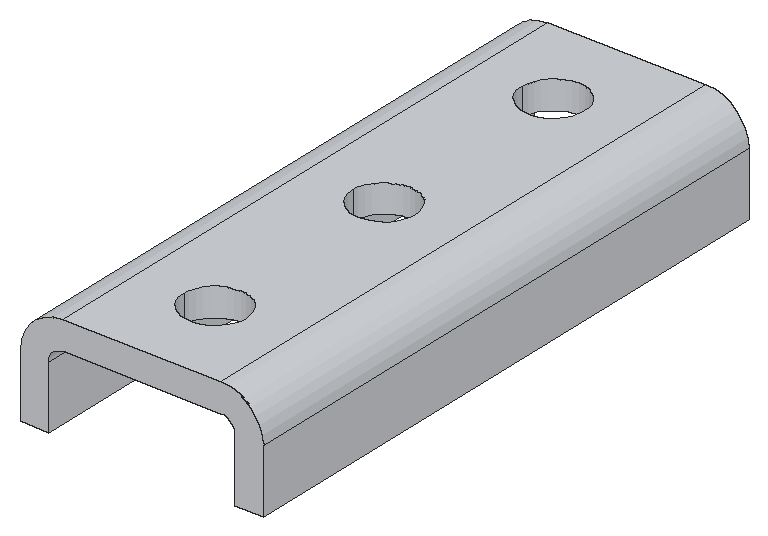
Revit family "Fitting-U_Shape-Unistrut-P4376A", category Specialty Equipment, Revit 2012
Parameters (values of type "P4376A")
  ecoScorecard_data = "http://products.ecoscorecard.com/atkore/P4376A"
  ecoScorecard Product Page = "http://products.ecoscorecard.com/atkore/P4376A?action=html"
  Weight Per Piece = 1.30 lbf
  Unit = none
  Unistrut Part Number = "P4376A"  # constant formula
  URL = "http://unistrut.us/index.php"
  Thickness = 1/4"
  Subcategory = "U Shape Fittings"
  Product Page URL = "http://unistrut.us/index.php?WP=cat_detail&S=S05&P=P4376A"
  Power Strut Part Number = "PS 645"  # constant formula
  Part Type = "Fitting"  # constant formula
  Overall Width = 2 5/32"
  Overall Length = 15/16"
  Overall Height = 5 3/8"
  Model = "P4376A"
  Material = ""
  Manufacturer Phone - Toll Free = "800-882-5543"  # constant formula
  Manufacturer Phone = "708-339-1610"  # constant formula
  Manufacturer Fax = "708-339-7814"  # constant formula
  Manufacturer Email = "mailto:jshaw@atkore.com"
  Manufacturer Address = "16100 South Lathrop Avenue, Harvey, IL 60426"  # constant formula
  Manufacturer = "Unistrut by Atkore International"  # constant formula
  Load Capacity Note = "Visit the product page for load application and capacity."  # constant formula
  Literature URL = "http://unistrut.us/index.php?WP=LItLibrary"
  Hole Diameter = 9/16"  # constant formula
  Default Elevation = 48"
  Cost Info = "mailto:jshaw@atkore.com"
  Construction Note = ""
  Category = "Specialty Equipment"  # constant formula
  CAD URL = "http://unistrut.us/index.php?WP=CAD3d"
  Assembly Code = "D5020100"
  Allowable Moment = 0 N·m
  95 CSI = "16070"  # constant formula
  04 CSI = "26 05 48"  # constant formula
Reference planes (in)
  plane 1 "Center (Front/Back)": y = 0
  plane 2: z = 0
  plane 3 "Center (Left/Right)": x = 0
  plane 4: y = 2.6875
  plane 5: y = -2.6875
  plane 6: x = 1.07812
  plane 7: x = -1.07813
  plane 8: z = 0.24992
  plane 9: z = -0.68758
  plane 10: y = 1.875
  plane 11: y = -1.875
Dimensions and locks (in)
  equal spacing: plane 4, plane 1 "Center (Front/Back)", plane 5
  "Overall Height": plane 4 to plane 5
  equal spacing: plane 7, plane 3 "Center (Left/Right)", plane 6
  "Overall Width": plane 7 to plane 6
  "Overall Length": plane 8 to plane 9
  aligned and locked: level to plane 2
  aligned and locked: plane 3 "Center (Left/Right)" to nested 1
  aligned and locked: plane 1 "Center (Front/Back)" to nested 1
  aligned and locked: nested 1 to level
  aligned and locked: plane 8 to nested 1
Nested families (in)
  nested 1: "4376A" at (0, 0, -0.68758), type "4376A"
    with Overall Width 2 5/32"
Definition of nested family "4376A"
  Parameters (values of type "4376A")
    URL = ""
    Thickness = 1/4"
    Overall Width = 1 5/8"
    Overall Length = 15/16"
    Overall Height = 5 3/8"
    Model = "P4376"
    Manufacturer = ""
    Hole Diameter = 9/16"
    Default Elevation = 48"
    Assembly Code = ""
  Reference planes (in)
    plane 1 "Center (Front/Back)": y = 0
    plane 2: z = 0
    plane 3 "Center (Left/Right)": x = 0
    plane 4: z = 0.9375
    plane 5: y = -2.6875
    plane 6: y = 2.6875
    plane 7: x = -0.8125
    plane 8: x = 0.8125
  Forms (in)
    Extrusion 1, void
      sketch origin (0, -1.75, 0.9375) x (1, 0, 0) y (0, 1, 0)
        loop
          circle (0, -0.125) r 0.28125
        loop
          circle (0, 3.625) r 0.28125
        loop
          circle (0, 1.74852) r 0.28125
      from -0.43411 to 0.1247
    Extrusion 2, solid
      sketch origin (0, 0, 0) x (1, 0, 0) y (0, 0, 1)
        loop
          line (-0.81258, 0.56261) -> (-0.81258, 0) -> (-0.56266, 0) -> (-0.56266, 0.56261)
          spline (-0.56266, 0.56261) -> (-0.56152, 0.57956) -> (-0.5582, 0.59583) -> (-0.55284, 0.61125) -> (-0.5456, 0.62568) -> (-0.53662, 0.63897) -> (-0.52606, 0.65097) -> (-0.51406, 0.66154) -> (-0.50077, 0.67052) -> (-0.48634, 0.67776) -> (-0.47092, 0.68312) -> (-0.45466, 0.68644) -> (-0.4377, 0.68758)
          line (-0.4377, 0.68758) -> (0.43706, 0.68758)
          spline (0.43706, 0.68758) -> (0.45401, 0.68644) -> (0.47027, 0.68312) -> (0.48569, 0.67776) -> (0.50012, 0.67052) -> (0.51341, 0.66154) -> (0.52541, 0.65097) -> (0.53598, 0.63897) -> (0.54495, 0.62568) -> (0.5522, 0.61125) -> (0.55755, 0.59583) -> (0.56088, 0.57956) -> (0.56202, 0.56261)
          line (0.56202, 0.56261) -> (0.56202, 0) -> (0.81194, 0) -> (0.81194, 0.56261)
          spline (0.81194, 0.56261) -> (0.80851, 0.61348) -> (0.79854, 0.66228) -> (0.78248, 0.70854) -> (0.76075, 0.75183) -> (0.73383, 0.7917) -> (0.70214, 0.82771) -> (0.66613, 0.85939) -> (0.62627, 0.88632) -> (0.58298, 0.90804) -> (0.53672, 0.92411) -> (0.48793, 0.93408) -> (0.43706, 0.9375)
          line (0.43706, 0.9375) -> (-0.4377, 0.9375)
          spline (-0.4377, 0.9375) -> (-0.48857, 0.93408) -> (-0.53736, 0.92411) -> (-0.58362, 0.90804) -> (-0.62691, 0.88632) -> (-0.66678, 0.85939) -> (-0.70278, 0.82771) -> (-0.73447, 0.7917) -> (-0.7614, 0.75183) -> (-0.78312, 0.70854) -> (-0.79919, 0.66228) -> (-0.80916, 0.61348) -> (-0.81258, 0.56261)
      from -2.6875 to 2.6875
  Cuts and joins
    Extrusion 1 cuts Extrusion 2
  Dimensions and locks (in)
    equal spacing: plane 5, plane 1 "Center (Front/Back)", plane 6
    equal spacing: plane 7, plane 3 "Center (Left/Right)", plane 8
    "Overall Width": plane 7 to plane 8
    "Overall Length": plane 4 to plane 2
    "Overall Height": plane 5 to plane 6
    plane 6 to Extrusion 1 sketch curve = 13/16"
    plane 5 to Extrusion 1 sketch curve = 13/16"
    aligned and locked: level to plane 2
    aligned and locked: plane 6 to Extrusion 2
    aligned and locked: plane 5 to Extrusion 2
  Automatic sketch dimensions
    Extrusion 2 sketch curve to level = 0"  (x2)
    plane 7 to Extrusion 2 sketch curve = 0.00008"
    Extrusion 2 sketch curve to plane 7 = 0.24984"
    Extrusion 2 sketch curve to plane 7 = 0.3748"  (x2)
    Extrusion 2 sketch curve to plane 8 = 0.37544"  (x2)
    Extrusion 2 sketch curve to plane 8 = 0.25048"
    Extrusion 2 sketch curve to plane 8 = 0.00056"
    Extrusion 2 sketch curve to plane 4 = 0.37489"  (x2)
    Extrusion 2 sketch curve to Extrusion 2 sketch curve = 0"  (x2)
    Extrusion 2 sketch curve to plane 4 = 0.24992"
    Extrusion 2 sketch curve to plane 4 = 0"
    Extrusion 1 sketch curve to plane 3 "Center (Left/Right)" = 0"  (x3)
    plane 1 "Center (Front/Back)" to Extrusion 1 sketch curve = 0.00148"
    radius of Extrusion 1 sketch curve = 9/32"  (x3)
